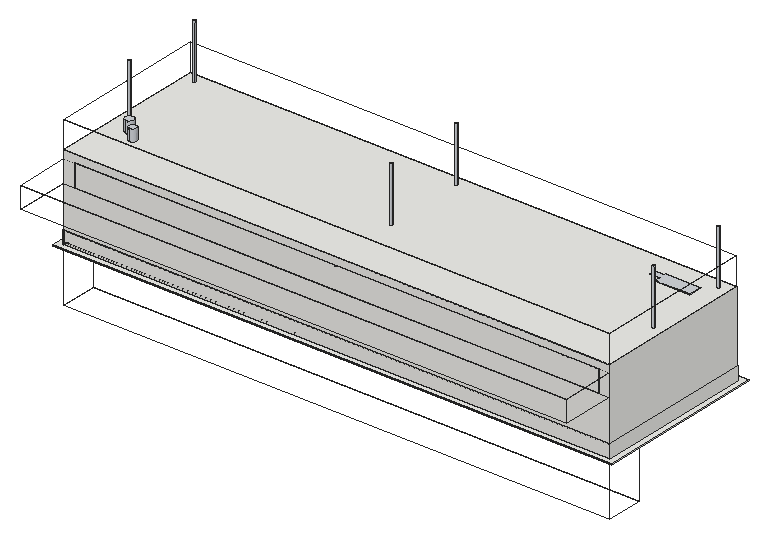
Revit family "AIRTECNICS_AIR CURTAIN_RECESSED DAM_DX-VRF_(HITACHI)", category Equipos mecánicos, Revit 2016
Family settings
  Tipo de pieza = Normal
  Cota de conector redondo = Diámetro de uso
  Número OmniClass = 23.75.70.21.17
  Título OmniClass = Air Curtains
  Se basa en plano de trabajo = No
  Siempre vertical = Sí
  Corte con vacíos al cargar = No
  Compartido = No
  Punto de cálculo de habitación = No
Parameters (values of type "RDAM ECM 2000 DX16-HI")
  · PIPES POSITION · [instance] = "-/ Select Pipes Position /-"  # constant formula
  · OTHERS · [instance] = "-/ Select Supports - Inst.Maint. Space /-"  # constant formula
  · HEATING · = "-/ Heating /-"  # constant formula
  · EXTERNAL UNIT · [instance] = "-/ External Unit Type /-"  # constant formula
  · COIL ROWS · = "-/ DX Coil Rows /-"  # constant formula
  Weight [instance] = size_lookup(Name_Lookup_Data, "Weight", 1.00 kg, CM, CT, CH, CR)  # 95.00 kg
  Voltage [instance] = 230 V  # constant formula
  URL_Manufacturer = "https://www.airtecnics.com"
  URL_Datasheet = "https://www.airtecnics.com/download/file/5863/recessed-dam-dx-hitachi-1-1-and-vrf.pdf"
  Triple Phase (External Ut.) [instance] = yes
  Supports Length [instance] = 200.0 mm
  Supports (Horizontal) [instance] = yes
  Single Phase (External Ut.) [instance] = not([Triple Phase (External Ut.)])  # no
  Revit Version = "Revit 2016 - English"  # constant formula
  Review Date = "11/18"  # constant formula
  Remote Control = "-"  # constant formula
  Refrigerant Pipes_P4 [instance] = no
  Refrigerant Pipes_P3 [instance] = no
  Refrigerant Pipes_P2 [instance] = if(CW = 0, 1 = 1, 1 = 0)  # yes
  Refrigerant Pipes_P1 [instance] = no
  Product Size = if(CT = 2, "1000", if(CT = 4, "1500", if(CT = 8, "2000", if(CT = 16, "2500", "Consult Manufacturer"))))  # "2000"
  Product Reference [instance] = size_lookup(Name_Lookup_Ref, "", "Consult Manufacturer", CM, CT, CH, CR)  # "RDAM ECM 2000 DX16-HI"
  Product Heating [instance] = if(DX 1:1, "Direct Expansion 1:1 system", "Direct Expansion VRF system")  # "Direct Expansion 1:1 system"
  Product Description [instance] = size_lookup(Name_Lookup_Data, "", "Consult Manufacturer", CM, CT, CH, CR)  # "Compact and low profile recessed air curtain with full grille view and energy savings heat pump: Up to 70% reduction in costs and CO2 emissions (heating mode).\r\nSelf-supporting casing construction made of galvanized steel plate, ready to be installed recessed in a false ceiling. \r\nInlet grille (free of maintenance) made with aluminium profiles and blow-out nozzle, integrated in a single white frame colour RAL 9016. Other colours are available on request. \r\nDouble-inlet centrifugal fans driven by an external rotor motor and low noise level. 5-speed selector. EC models assembled with very low consumption efficiency fans. \r\nIncludes only heating direct expansion coil with installed temperature sensors. Under request it can be modified to work in cooling and heating mode (not recomended) with optional condensate water pump.\r\nPlug&Play control panel CS-5DX-NE slave DX with 5 speeds selector and 7m telephone cable included.\r\nReady to connect to HITACHI Inverter outdoor heat pump unit (R410A), not included, the customer should purchase it.\r\nRequires EXV-6.0E2 HITACHI DX Interface KIT adapted for air curtain with expansion valve and  PC-ART programmable control, please consult. The client should send the complete DX kit to Airtècnics in order to adapt it and install the temperature sensors.\r\nAir Volume: 3280 m3/h \r\nFans:  0,284 kW  2,48 A 230Vx1 50/60Hz\r\nHeating capacity: 16,00 kW\r\nDimensions: 627x310x2048 mm (depth, height, length)\r\nNOT SUPPLIED BY AIRTÈCNICS:\r\nEXV-6.0E2 Interface DX kit with direct expansion valve and PC-ART programmable control.\r\nExternal unit:\r\nOption 1: RAS-6HVNC1E\r\nExternal unit with direct expansion valve Hitachi, single phase motor 230Vx1 50Hz.\r\nHeating capacity 16kW. Heating power: 4,23kW. COP 3,78.\r\nCooling capacity 14kW. Cooling power 4,25kW. EER 3,29.\r\nCooling circuits 5/8\" - 3/8\".\r\nMaximum length 75m.\r\nMaximum slope 30m.\r\nOption 2: RAS-6HNC1E\r\nExternal unit with direct expansion valve Hitachi, triple phase motor 400Vx3 50Hz.\r\nHeating capacity 16kW. Heating power: 4,23kW. COP 3,78.\r\nCooling capacity 14kW. Cooling power 4,25kW. EER 3,29.\r\nCooling circuits 5/8\" - 3/8\".\r\nMaximum length 75m.\r\nMaximum slope 30m."
  Power Fans Factor [instance] = size_lookup(Name_Lookup_Data, "Power Fans Factor", 1, CM, CT, CH, CR)  # 0.5
  Power Fans [instance] = size_lookup(Name_Lookup_Data, "Power Fans", 1 kW, CM, CT, CH, CR)  # 0.284 kW
  Noise Level (dB(A)) [instance] = size_lookup(Name_Lookup_Data, "Noise Level (dB(A))", 1, CM, CT, CH, CR)  # 58
  Name_Lookup_Ref_EU = "R_DAM_(DX)_HI_Ref_EU_Lookup"  # constant formula
  Name_Lookup_Ref = "R_DAM_(DX)_HI_Ref_Lookup"  # constant formula
  Name_Lookup_Data3 = "R_DAM_(DX)_HI_DXkit_Lookup"  # constant formula
  Name_Lookup_Data2 = "R_DAM_(DX)_HI_Mainfolds_Lookup"  # constant formula
  Name_Lookup_Data = "R_DAM_(DX)_HI_Data_Lookup"  # constant formula
  Material Curtain [instance] = AIRTECNICS_White RAL 9016
  Mainfolds [instance] = size_lookup(Name_Lookup_Data2, "", "Consult Manufacturer", CM, CT, CH, CR)  # "5/8 & 3/8"
  M = yes
  Length = L + 48.0 mm + Depth - Depth  # 2048.0 mm
  IfcExportType = "DXCOOLINGCOIL"  # constant formula
  IfcExportAs = "IfcCoilType"  # constant formula
  Height = 310.0 mm  # constant formula
  Heating Capacity [instance] = size_lookup(Name_Lookup_Data, "Heating Capacity", 1 kW, CM, CT, CH, CR)  # 16 kW
  Gas Coil Volume [instance] = size_lookup(Name_Lookup_Data, "Gas Coil Volume", 1.00 L, CM, CT, CH, CR)  # 3.10 L
  G = not(M)  # no
  Frequency = 50 Hz  # constant formula
  Fans Stage = 5  # constant formula
  Family Version = "1.0"  # constant formula
  External Ut. Reference [instance] = size_lookup(Name_Lookup_Ref_EU, "", "Consult Manufacturer", CM, CT, CH, CR, CEU)  # "RAS-6HNCE"
  Expansion Valve [instance] = "Included on DX Kit"  # constant formula
  EC = 1 = 1  # yes
  Dn_Metric_Refrig_Liquid [instance] = size_lookup(Name_Lookup_Data2, "Dn_Liquid", 1 mm, CM, CT, CH, CR)  # 10 mm
  Dn_Metric_Refrig_Gas [instance] = size_lookup(Name_Lookup_Data2, "Dn_Gas", 1 mm, CM, CT, CH, CR)  # 16 mm
  Depth = 627.0 mm  # constant formula
  DX VRV = not(DX 1:1)  # no
  DX Kit [instance] = size_lookup(Name_Lookup_Data3, "", "Consult Manufacturer", CM, CT, CH, CR)  # "EXV-6.0E2"
  DX Controller [instance] = "PC-ART"  # constant formula
  DX Coil Rows = 4 = no
  DX Coil Rows = 3 = not([DX Coil Rows = 4])  # yes
  DX Coil Rows [instance] = if(CR = 2, 4, if(CR = 4, 3, if(CR = 0, 2, 0)))  # 3
  DX 1:1 = yes
  Current Fans [instance] = size_lookup(Name_Lookup_Data, "Current Fans", 1 A, CM, CT, CH, CR)  # 2.48 A
  Created by = "BIMETRICAL"  # constant formula
  Control [instance] = "CS-5DX-NE"  # constant formula
  Capacity_Frig_Liquid [instance] = 0 m³/h
  Capacity_Frig_Gas [instance] = 0 m³/h
  Cable = "CB7"  # constant formula
  URL = "https://www.airtecnics.com/products/heat-pump-air-curtain-recessed-dam-dx-for-hitachi"
  Modelo = "Air Curtain Recessed DAM DX/VRF HI"  # constant formula
  L = 2000.0 mm
  Imagen de tipo = <Ninguno>
  Fabricante = "AIRTECNICS"  # constant formula
  Description = ""
  Comentarios de tipo = "Compact and low profile recessed air curtain with full grille view and energy savings heat pump: Up to 70% reduction in costs and CO2 emissions (heating mode).\r\nSelf-supporting casing construction made of galvanized steel plate, ready to be installed recessed in a false ceiling. \r\nInlet grille (free of maintenance) made with aluminium profiles and blow-out nozzle, integrated in a single white frame colour RAL 9016. Other colours are available on request. \r\nDouble-inlet centrifugal fans driven by an external rotor motor and low noise level. 5-speed selector. EC models assembled with very low consumption efficiency fans. \r\nIncludes only heating direct expansion coil with installed temperature sensors. Under request it can be modified to work in cooling and heating mode (not recomended) with optional condensate water pump.\r\nPlug&Play control panel CS-5DX-NE slave DX with 5 speeds selector and 7m telephone cable included.\r\nDX 1:1:\r\nReady to connect to HITACHI Inverter outdoor heat pump unit (R410A), not included, the customer should purchase it.\r\nRequires  HITACHI DX Interface KIT adapted for air curtain with expansion valve and   programmable control, please consult.\r\nDX VRF:\r\nReady to connect to HITACHI VRF outdoor heat pump unit (R410A), not included, the customer should purchase it.\r\nRequires  HITACHI VRF Interface KIT adapted for air curtain with expansion valve and   programmable control, please consult."  # constant formula
  CW [instance] = if(Refrigerant Pipes_P1, 2, 0) + if(Refrigerant Pipes_P3, 4, 0) + if(Refrigerant Pipes_P4, 8, 0)  # 0
  CT = if(L = 1000.0 mm, 2, 0) + if(L = 1500.0 mm, 4, 0) + if(L = 2000.0 mm, 8, 0) + if(L = 2500.0 mm, 16, 0)  # 8
  CR [instance] = if([DX Coil Rows = 4], 2, 0) + if([DX Coil Rows = 3], 4, 0)  # 4
  CM = if(M, 2, 0) + if(EC, 4, 0) + if(G, 8, 0)  # 6
  CH [instance] = if(DX 1:1, 2, 0) + if(DX VRV, 4, 0)  # 2
  CEU [instance] = if([Single Phase (External Ut.)], 2, 0) + if([Triple Phase (External Ut.)], 4, 0)  # 4
  BIMETRICAL Category = "Coil"  # constant formula
  BIMETRICAL = "http://www.bimetrical.com/"  # constant formula
  Aspiration/Maintenance Space [instance] = yes
  Apparent Load [instance] = size_lookup(Name_Lookup_Data, "Apparent Load", 1 VA, CM, CT, CH, CR)  # 568 VA
  Airflow [instance] = size_lookup(Name_Lookup_Data, "Airflow", 1 m³/h, CM, CT, CH, CR)  # 3280 m³/h
Reference planes
  plane 1 "Centro (Frontal/Posterior)": z = 0
  plane 2: y = 246.57
  plane 3 "Centro (Izquierda/Derecha)": x = 0
Nested families
  nested 1: "GEOM_RECESSED DAM_(DX)" at (0, 246.57, -2) x (-1, 0, 0) z (0, 0, 1), P1 <- "Refrigerant Pipes_P1", P3 <- "Refrigerant Pipes_P3", P4 <- "Refrigerant Pipes_P4", type "BASE"
    with VAMP4 no, VAMP1 no, P4 no, P3 no, P2 yes, P1 no, C_P 2, C_L 4, CH_4 398.5 mm, CH_3 218.8 mm, CH_2 99.5 mm, CH_1 91.2 mm, CC_4 431.5 mm, CC_3 33.0 mm, CC_2 137.5 mm, CC_1 277.2 mm, AH 90.00°, AC 90.00°, N 9, L3 238.5 mm, L2 40.0 mm, L1 2048.0 mm, L 2000.0 mm, C 238.88 mm, A1 1938.0 mm
Connectors
  electrical at (819.129, 446.424, 309), driven by "Voltage", driven by "Apparent Load", driven by "Power Fans Factor"
    settings: on nested 1, index 1, voltage 230 V, apparent load 568 VA, apparent load phase1 0 VA, apparent load phase2 0 VA, apparent load phase3 0 VA, power factor 0.5, load classification "HVAC", number of poles 1, system type 30, power factor state 1, is connector primary yes, connector utility no, sub classification motor no, connector description ""
  piping at (-924, 161.57, 348), diameter 16, driven by "Capacity_Frig_Gas", driven by "Dn_Metric_Refrig_Gas"
    settings: on nested 1, index 2, connector inside diameter 609.6 mm, connector length 0.0 mm, flow factor 0, pipe flow 0 m³/h, pressure drop 0.0 Pa, fitting loss kfactor 0, connector angle 0.00°, fixture units 0, engagement length 0.0 mm, angle of deflection 0.00°, flow configuration 1, flow direction 1, fitting loss method 0, system type 7, joint type 0, gender type 0, connector reference index -1, connector utility 0, adjustable connector no, is connector primary yes, connector description "In"
  piping at (-886, 128.57, 348.2), diameter 10, driven by "Capacity_Frig_Liquid", driven by "Dn_Metric_Refrig_Liquid"
    settings: on nested 1, index 3, connector inside diameter 609.6 mm, connector length 0.0 mm, flow factor 0, pipe flow 0 m³/h, pressure drop 0.0 Pa, fitting loss kfactor 0, connector angle 0.00°, fixture units 0, engagement length 0.0 mm, angle of deflection 0.00°, flow configuration 1, flow direction 2, fitting loss method 0, system type 8, joint type 0, gender type 0, connector reference index -1, connector utility 0, adjustable connector no, is connector primary no, connector description "Out"
Definition of nested family "GEOM_RECESSED DAM_(DX)"
  Parameters (values of type "BASE")
    VSUP2 = if(and(Supports Length > 0.0 mm, L > 1000.0 mm, [Supports (Horizontal)]), 1 = 1, 1 = 0)  # yes
    VSUP1 = if(and(Supports Length > 0.0 mm, [Supports (Horizontal)]), 1 = 1, 1 = 0)  # yes
    VAMP4 [instance] = if(and(P, P4, [Aspiration/Maintenance Space]), 1 = 1, 1 = 0)  # no
    VAMP1 [instance] = if(and(P, P1, [Aspiration/Maintenance Space]), 1 = 1, 1 = 0)  # no
    Supports Length = 200.0 mm
    Supports (Horizontal) = yes
    Revit Version = "Revit 2016 - English"  # constant formula
    Review Date = "11/2018"  # constant formula
    P4 [instance] = no
    P3 [instance] = yes
    P2 [instance] = not(or(P1, P3, P4))  # no
    P1 [instance] = no
    P = 1 = 1  # yes
    Name_CH = "CH_Dimensions_LookupDX"  # constant formula
    Name_CC = "CC_Dimensions_LookupDX"  # constant formula
    N = if(L = 1000.0 mm, 5, if(L = 1500.0 mm, 7, if(L = 2000.0 mm, 9, 11)))  # 7
    Model = "RECESSED DAM (DX)"  # constant formula
    Material Curtain = none
    Manufacturer = "AIRTECNICS"  # constant formula
    L_sup = if(Supports Length = 0.0 mm, 1.0 mm, Supports Length)  # 200.0 mm
    L3 = if(L = 1000.0 mm, 227.0 mm, if(L = 1500.0 mm, 234.8 mm, if(L = 2000.0 mm, 238.5 mm, 240.8 mm)))  # 234.8 mm
    L2 = if(L = 1000.0 mm, 51.75 mm, if(L = 1500.0 mm, 46.75 mm, if(L = 2000.0 mm, 40.0 mm, 49.5 mm)))  # 46.75 mm
    L1 = L + 48.0 mm  # 1548.0 mm
    L = 1500.0 mm
    Family Version = "1.0"  # constant formula
    Created by = "BIMETRICAL"  # constant formula
    C_P [instance] = if(P1, 1, 0) + if(P2, 2, 0) + if(P3, 4, 0) + if(P4, 8, 0)  # 4
    C_L [instance] = if(L = 1500.0 mm, 2, 0) + if(L = 2000.0 mm, 4, 0) + if(L = 2500.0 mm, 8, 0)  # 2
    CH_4 [instance] = size_lookup(Name_CH, "CH_4", 398.5 mm, C_L, C_P)  # 398.5 mm
    CH_3 [instance] = size_lookup(Name_CH, "CH_3", 218.8 mm, C_L, C_P)  # 33.0 mm
    CH_2 [instance] = size_lookup(Name_CH, "CH_2", 100.5 mm, C_L, C_P)  # 1409.5 mm
    CH_1 [instance] = size_lookup(Name_CH, "CH_1", 91.2 mm, C_L, C_P)  # 277.2 mm
    CC_4 [instance] = size_lookup(Name_CC, "CC_4", 431.5 mm, C_L, C_P)  # 431.5 mm
    CC_3 [instance] = size_lookup(Name_CC, "CC_3", 33.0 mm, C_L, C_P)  # 218.8 mm
    CC_2 [instance] = size_lookup(Name_CC, "CC_2", 138.5 mm, C_L, C_P)  # 1447.5 mm
    CC_1 [instance] = size_lookup(Name_CC, "CC_1", 277.2 mm, C_L, C_P)  # 91.2 mm
    C = if(L = 1000.0 mm, 227.75 mm, if(L = 1500.0 mm, 235.1 mm, 238.88 mm))  # 235.1 mm
    BIMETRICAL = "http://www.bimetrical.com/"  # constant formula
    B1 = 1.5 mm
    B = 1.0 mm
    Aspiration/Maintenance Space = yes
    AH [instance] = size_lookup(Name_CH, "AH", 90.00°, C_L, C_P)  # 90.00°
    AC [instance] = size_lookup(Name_CC, "AC", 90.00°, C_L, C_P)  # 90.00°
    A1 = L - 62.0 mm  # 1438.0 mm
    A = 197.8 mm
  Reference planes
    plane 1 "Centro (Frontal/Posterior)": y = 0
    plane 2: z = 0
    plane 3 "Centro (Izquierda/Derecha)": x = 0
    plane 4: y = 313.5
    plane 5: y = -313.5
    plane 6: y = 290
    plane 7: y = -290
    plane 8: z = 310
    plane 9: z = 50
    plane 10: z = 2
    plane 11: x = -773.5
    plane 12: x = -750
    plane 13: x = 773.5
    plane 14: x = 750
    plane 15: y = -256
    plane 16: y = 41
    plane 17: x = -710
    plane 18: x = 710
    plane 19: y = 41
    plane 20: y = -256
    plane 21: y = 170
    plane 22: z = 25
    plane 23: z = 17
    plane 24: x = -707.5
    plane 25: x = -703.5
    plane 26: x = -705.5
    plane 27: x = -472.7
    plane 28: x = -468.7
    plane 29: x = -470.7
    plane 30: x = -237.9
    plane 31: x = -233.9
    plane 32: x = -235.9
    plane 33: x = -3.1
    plane 34: x = 0.9
    plane 35: x = -1.1
    plane 36: x = 231.7
    plane 37: x = 235.7
    plane 38: x = 233.7
    plane 39: x = 773.5
    plane 40: x = -674
    plane 41: x = -636
    plane 42: y = 85
    plane 43: y = 118
    plane 44: z = 91.2
    plane 45: z = 277.2
    plane 46: x = 466.5
    plane 47: x = 470.5
    plane 48: x = 468.5
    plane 49: x = 701.3
    plane 50: x = 705.3
    plane 51: x = 703.3
  Forms (mm)
    Sweep 1, solid, material <- "Material Curtain"
      path origin (0, 0, 0) x (1, 0, 0) y (0, 1, 0)
        loop
          line (-773.5, 313.5) -> (-773.5, -313.5) -> (773.5, -313.5) -> (773.5, 313.5) -> (-773.5, 313.5)
      profile origin (-773.5, 0, 0) x (-1, 0, 0) y (0, 0, 1)
        loop
          line (0, 0) -> (0, 2) -> (-22, 2) -> (-22, 50) -> (-23.5, 50) -> (-23.5, 0) -> (0, 0)
    Extrusion 2, solid, material <- "Material Curtain"
      sketch origin (0, 0, 0) x (1, 0, 0) y (0, 1, 0)
        loop
          line (-750, 290) -> (-750, -290) -> (750, -290) -> (750, 290) -> (-750, 290)
      from 50 to 310
    Extrusion 3, solid, visible <- "VSUP1"
      sketch origin (-1376.546, -1524, 310) x (-1, 0, 0) y (0, -1, 0)
        loop
          circle (-666.546, -1565) r 4
        loop
          circle (-666.546, -1268) r 4
        loop
          circle (-2086.546, -1268) r 4
        loop
          circle (-2086.546, -1565) r 4
      from -1 to 200
    Extrusion 4, solid, visible <- "VSUP2"
      sketch origin (-1376.546, -1524, 310) x (-1, 0, 0) y (0, -1, 0)
        loop
          circle (-1376.546, -1565) r 4
        loop
          circle (-1376.546, -1268) r 4
      from 0 to 200
    Extrusion 5, void
      sketch origin (-1802.24, 290, 1200) x (-1, 0, 0) y (0, 0, 1)
        loop
          line (-2505.49, -918.496) -> (-2505.49, -998.496) -> (-1802.24, -998.496) -> (-1098.99, -998.496) -> (-1098.99, -918.496) -> (-1802.24, -918.496) -> (-2505.49, -918.496)
      from 0 to -5
    Extrusion 6, solid
      sketch origin (-1802.24, 290, 1200) x (-1, 0, 0) y (0, 0, 1)
        loop
          line (-2505.49, -918.496) -> (-2505.49, -998.496) -> (-1802.24, -998.496) -> (-1098.99, -998.496) -> (-1098.99, -918.496) -> (-1802.24, -918.496) -> (-2505.49, -918.496)
      from 0 to -1
    Extrusion 7, solid, material <- "Material Curtain"
      sketch origin (500, 0, 0) x (1, 0, 0) y (0, 1, 0)
        loop
          line (-1203.5, 286.998) -> (-1207.5, 286.998) -> (-1207.5, -287.002) -> (-1203.5, -287.002) -> (-1203.5, 286.998)
      from 17 to 25
    Extrusion 8, solid, material <- "Material Curtain"
      sketch origin (734.8, 0, 0) x (1, 0, 0) y (0, 1, 0)
        loop
          line (-1203.5, 286.998) -> (-1207.5, 286.998) -> (-1207.5, -287.002) -> (-1203.5, -287.002) -> (-1203.5, 286.998)
      from 17 to 25
    Extrusion 9, solid, material <- "Material Curtain"
      sketch origin (969.6, 0, 0) x (1, 0, 0) y (0, 1, 0)
        loop
          line (-1203.5, 286.998) -> (-1207.5, 286.998) -> (-1207.5, -287.002) -> (-1203.5, -287.002) -> (-1203.5, 286.998)
      from 17 to 25
    Extrusion 10, solid, material <- "Material Curtain"
      sketch origin (1204.4, 0, 0) x (1, 0, 0) y (0, 1, 0)
        loop
          line (-1203.5, 286.998) -> (-1207.5, 286.998) -> (-1207.5, -287.002) -> (-1203.5, -287.002) -> (-1203.5, 286.998)
      from 17 to 25
    Extrusion 11, solid, material <- "Material Curtain"
      sketch origin (1439.2, 0, 0) x (1, 0, 0) y (0, 1, 0)
        loop
          line (-1203.5, 286.998) -> (-1207.5, 286.998) -> (-1207.5, -287.002) -> (-1203.5, -287.002) -> (-1203.5, 286.998)
      from 17 to 25
    Extrusion 12, solid, visible <- "P"
      sketch origin (-637.077, 82.636, 310.2) x (0, -1, 0) y (1, 0, 0)
        loop
          circle (-2.364, 1.077) r 15.5
      from 0 to 40
    Extrusion 13, solid, visible <- "P"
      sketch origin (-673.438, 119.477, 310) x (0, -1, 0) y (1, 0, 0)
        loop
          circle (1.477, -0.562) r 13.5
      from 0 to 40
    Extrusion 14, solid
      sketch origin (-1376.546, -1524, 310) x (-1, 0, 0) y (0, -1, 0)
        loop
          line (-830.042, -1353.296) -> (-702.542, -1353.296) -> (-702.542, -1303.996) -> (-830.042, -1303.996) -> (-830.042, -1307.996) -> (-867.042, -1307.996) -> (-867.042, -1331.296) -> (-830.042, -1331.296) -> (-830.042, -1353.296)
      from 0 to 1
    Extrusion 15, solid, visible <- "VAMP1"
      sketch origin (750, 311.264, 1200) x (0, 1, 0) y (0, 0, -1)
        loop
          line (-601.264, 890) -> (-21.264, 890) -> (-21.264, 1150) -> (-601.264, 1150) -> (-601.264, 890)
      from 0 to -100
    Extrusion 16, solid, visible <- "VAMP4"
      sketch origin (-750, 311.264, 1200) x (0, 1, 0) y (0, 0, 1)
        loop
          line (-601.264, -890) -> (-601.264, -1150) -> (-21.264, -1150) -> (-21.264, -890) -> (-601.264, -890)
      from 0 to -100
    Extrusion 17, solid, visible <- "Aspiration/Maintenance Space"
      sketch origin (-1802.24, 290, 1200) x (-1, 0, 0) y (0, 0, 1)
        loop
          line (-2552.24, -918.496) -> (-2552.24, -998.496) -> (-1052.24, -998.496) -> (-1052.24, -918.496) -> (-2552.24, -918.496)
      from 0 to 200
    Extrusion 18, solid, visible <- "Aspiration/Maintenance Space"
      sketch origin (-750, 311.264, 1200) x (0, 1, 0) y (0, 0, 1)
        loop
          line (-601.264, -890) -> (-21.264, -890) -> (-21.264, -790) -> (-601.264, -790) -> (-601.264, -890)
      from 0 to 1500
    Extrusion 19, solid, visible <- "Aspiration/Maintenance Space"
      sketch origin (750, 311.264, 1200) x (0, 1, 0) y (0, 0, -1)
        loop
          line (-21.264, 1200) -> (-21.264, 1400) -> (-157.264, 1400) -> (-157.264, 1200) -> (-21.264, 1200)
      from 0 to 1500
    Extrusion 20, solid, material <- "Material Curtain"
      sketch origin (1674, 0, 0) x (1, 0, 0) y (0, 1, 0)
        loop
          line (-1203.5, 286.998) -> (-1207.5, 286.998) -> (-1207.5, -287.002) -> (-1203.5, -287.002) -> (-1203.5, 286.998)
      from 17 to 25
    Extrusion 21, solid, material <- "Material Curtain"
      sketch origin (1908.8, 0, 0) x (1, 0, 0) y (0, 1, 0)
        loop
          line (-1203.5, 286.998) -> (-1207.5, 286.998) -> (-1207.5, -287.002) -> (-1203.5, -287.002) -> (-1203.5, 286.998)
      from 17 to 25
    Extrusion 22, solid, material <- "Material Curtain"
      sketch origin (850, 311.264, 1200) x (0, -1, 0) y (0, 0, -1)
        loop
          arc (82.767, 1195.605) -> (78.829, 1197.715) -> (74.424, 1198.456) r 13.8
          arc (74.424, 1198.456) -> (73.675, 1197.864) -> (74.325, 1197.164) r 0.65
          arc (74.325, 1197.164) -> (78.603, 1196.427) -> (82.371, 1194.27) r 12.5
          line (82.371, 1194.27) -> (97.373, 1182.759) -> (97.373, 1173.4) -> (98.673, 1173.4) -> (98.673, 1183.4) -> (82.767, 1195.605)
        loop
          arc (59.967, 1195.605) -> (56.029, 1197.715) -> (51.624, 1198.456) r 13.8
          arc (51.624, 1198.456) -> (50.875, 1197.864) -> (51.525, 1197.164) r 0.65
          arc (51.525, 1197.164) -> (55.803, 1196.427) -> (59.571, 1194.27) r 12.5
          line (59.571, 1194.27) -> (74.573, 1182.759) -> (74.573, 1173.4) -> (75.873, 1173.4) -> (75.873, 1183.4) -> (59.967, 1195.605)
        loop
          arc (151.167, 1195.605) -> (147.229, 1197.715) -> (142.824, 1198.456) r 13.8
          arc (142.824, 1198.456) -> (142.075, 1197.864) -> (142.725, 1197.164) r 0.65
          arc (142.725, 1197.164) -> (147.003, 1196.427) -> (150.771, 1194.27) r 12.5
          line (150.771, 1194.27) -> (165.773, 1182.759) -> (165.773, 1173.4) -> (167.073, 1173.4) -> (167.073, 1183.4) -> (151.167, 1195.605)
        loop
          arc (128.367, 1195.605) -> (124.429, 1197.715) -> (120.024, 1198.456) r 13.8
          arc (120.024, 1198.456) -> (119.275, 1197.864) -> (119.925, 1197.164) r 0.65
          arc (119.925, 1197.164) -> (124.203, 1196.427) -> (127.971, 1194.27) r 12.5
          line (127.971, 1194.27) -> (142.973, 1182.759) -> (142.973, 1173.4) -> (144.273, 1173.4) -> (144.273, 1183.4) -> (128.367, 1195.605)
        loop
          arc (105.567, 1195.605) -> (101.629, 1197.715) -> (97.224, 1198.456) r 13.8
          arc (97.224, 1198.456) -> (96.475, 1197.864) -> (97.125, 1197.164) r 0.65
          arc (97.125, 1197.164) -> (101.403, 1196.427) -> (105.171, 1194.27) r 12.5
          line (105.171, 1194.27) -> (120.173, 1182.759) -> (120.173, 1173.4) -> (121.473, 1173.4) -> (121.473, 1183.4) -> (105.567, 1195.605)
        loop
          arc (219.567, 1195.605) -> (215.629, 1197.715) -> (211.224, 1198.456) r 13.8
          arc (211.224, 1198.456) -> (210.475, 1197.864) -> (211.125, 1197.164) r 0.65
          arc (211.125, 1197.164) -> (215.403, 1196.427) -> (219.171, 1194.27) r 12.5
          line (219.171, 1194.27) -> (234.173, 1182.759) -> (234.173, 1173.4) -> (235.473, 1173.4) -> (235.473, 1183.4) -> (219.567, 1195.605)
        loop
          arc (196.767, 1195.605) -> (192.829, 1197.715) -> (188.424, 1198.456) r 13.8
          arc (188.424, 1198.456) -> (187.675, 1197.864) -> (188.325, 1197.164) r 0.65
          arc (188.325, 1197.164) -> (192.603, 1196.427) -> (196.371, 1194.27) r 12.5
          line (196.371, 1194.27) -> (211.373, 1182.759) -> (211.373, 1173.4) -> (212.673, 1173.4) -> (212.673, 1183.4) -> (196.767, 1195.605)
        loop
          arc (173.967, 1195.605) -> (170.029, 1197.715) -> (165.624, 1198.456) r 13.8
          arc (165.624, 1198.456) -> (164.875, 1197.864) -> (165.525, 1197.164) r 0.65
          arc (165.525, 1197.164) -> (169.803, 1196.427) -> (173.571, 1194.27) r 12.5
          line (173.571, 1194.27) -> (188.573, 1182.759) -> (188.573, 1173.4) -> (189.873, 1173.4) -> (189.873, 1183.4) -> (173.967, 1195.605)
        loop
          arc (287.967, 1195.605) -> (284.029, 1197.715) -> (279.624, 1198.456) r 13.8
          arc (279.624, 1198.456) -> (278.875, 1197.864) -> (279.525, 1197.164) r 0.65
          arc (279.525, 1197.164) -> (283.803, 1196.427) -> (287.571, 1194.27) r 12.5
          line (287.571, 1194.27) -> (302.573, 1182.759) -> (302.573, 1173.4) -> (303.873, 1173.4) -> (303.873, 1183.4) -> (287.967, 1195.605)
        loop
          arc (265.167, 1195.605) -> (261.229, 1197.715) -> (256.824, 1198.456) r 13.8
          arc (256.824, 1198.456) -> (256.075, 1197.864) -> (256.725, 1197.164) r 0.65
          arc (256.725, 1197.164) -> (261.003, 1196.427) -> (264.771, 1194.27) r 12.5
          line (264.771, 1194.27) -> (279.773, 1182.759) -> (279.773, 1173.4) -> (281.073, 1173.4) -> (281.073, 1183.4) -> (265.167, 1195.605)
        loop
          arc (242.367, 1195.605) -> (238.429, 1197.715) -> (234.024, 1198.456) r 13.8
          arc (234.024, 1198.456) -> (233.275, 1197.864) -> (233.925, 1197.164) r 0.65
          arc (233.925, 1197.164) -> (238.203, 1196.427) -> (241.971, 1194.27) r 12.5
          line (241.971, 1194.27) -> (256.973, 1182.759) -> (256.973, 1173.4) -> (258.273, 1173.4) -> (258.273, 1183.4) -> (242.367, 1195.605)
        loop
          arc (356.367, 1195.605) -> (352.429, 1197.715) -> (348.024, 1198.456) r 13.8
          arc (348.024, 1198.456) -> (347.275, 1197.864) -> (347.925, 1197.164) r 0.65
          arc (347.925, 1197.164) -> (352.203, 1196.427) -> (355.971, 1194.27) r 12.5
          line (355.971, 1194.27) -> (370.973, 1182.759) -> (370.973, 1173.4) -> (372.273, 1173.4) -> (372.273, 1183.4) -> (356.367, 1195.605)
        loop
          arc (333.567, 1195.605) -> (329.629, 1197.715) -> (325.224, 1198.456) r 13.8
          arc (325.224, 1198.456) -> (324.475, 1197.864) -> (325.125, 1197.164) r 0.65
          arc (325.125, 1197.164) -> (329.403, 1196.427) -> (333.171, 1194.27) r 12.5
          line (333.171, 1194.27) -> (348.173, 1182.759) -> (348.173, 1173.4) -> (349.473, 1173.4) -> (349.473, 1183.4) -> (333.567, 1195.605)
        loop
          arc (310.767, 1195.605) -> (306.829, 1197.715) -> (302.424, 1198.456) r 13.8
          arc (302.424, 1198.456) -> (301.675, 1197.864) -> (302.325, 1197.164) r 0.65
          arc (302.325, 1197.164) -> (306.603, 1196.427) -> (310.371, 1194.27) r 12.5
          line (310.371, 1194.27) -> (325.373, 1182.759) -> (325.373, 1173.4) -> (326.673, 1173.4) -> (326.673, 1183.4) -> (310.767, 1195.605)
        loop
          arc (424.767, 1195.605) -> (420.829, 1197.715) -> (416.424, 1198.456) r 13.8
          arc (416.424, 1198.456) -> (415.675, 1197.864) -> (416.325, 1197.164) r 0.65
          arc (416.325, 1197.164) -> (420.603, 1196.427) -> (424.371, 1194.27) r 12.5
          line (424.371, 1194.27) -> (439.373, 1182.759) -> (439.373, 1173.4) -> (440.673, 1173.4) -> (440.673, 1183.4) -> (424.767, 1195.605)
        loop
          arc (401.967, 1195.605) -> (398.029, 1197.715) -> (393.624, 1198.456) r 13.8
          arc (393.624, 1198.456) -> (392.875, 1197.864) -> (393.525, 1197.164) r 0.65
          arc (393.525, 1197.164) -> (397.803, 1196.427) -> (401.571, 1194.27) r 12.5
          line (401.571, 1194.27) -> (416.573, 1182.759) -> (416.573, 1173.4) -> (417.873, 1173.4) -> (417.873, 1183.4) -> (401.967, 1195.605)
        loop
          arc (379.167, 1195.605) -> (375.229, 1197.715) -> (370.824, 1198.456) r 13.8
          arc (370.824, 1198.456) -> (370.075, 1197.864) -> (370.725, 1197.164) r 0.65
          arc (370.725, 1197.164) -> (375.003, 1196.427) -> (378.771, 1194.27) r 12.5
          line (378.771, 1194.27) -> (393.773, 1182.759) -> (393.773, 1173.4) -> (395.073, 1173.4) -> (395.073, 1183.4) -> (379.167, 1195.605)
        loop
          arc (447.567, 1195.605) -> (443.629, 1197.715) -> (439.224, 1198.456) r 13.8
          arc (439.224, 1198.456) -> (438.475, 1197.864) -> (439.125, 1197.164) r 0.65
          arc (439.125, 1197.164) -> (443.403, 1196.427) -> (447.171, 1194.27) r 12.5
          line (447.171, 1194.27) -> (462.173, 1182.759) -> (462.173, 1173.4) -> (463.473, 1173.4) -> (463.473, 1183.4) -> (447.567, 1195.605)
        loop
          arc (493.167, 1195.605) -> (489.229, 1197.715) -> (484.824, 1198.456) r 13.8
          arc (484.824, 1198.456) -> (484.075, 1197.864) -> (484.725, 1197.164) r 0.65
          arc (484.725, 1197.164) -> (489.003, 1196.427) -> (492.771, 1194.27) r 12.5
          line (492.771, 1194.27) -> (507.773, 1182.759) -> (507.773, 1173.4) -> (509.073, 1173.4) -> (509.073, 1153) -> (512.073, 1153) -> (512.073, 1198.4) -> (509.073, 1198.4) -> (509.073, 1183.4) -> (493.167, 1195.605)
        loop
          arc (470.367, 1195.605) -> (466.429, 1197.715) -> (462.024, 1198.456) r 13.8
          arc (462.024, 1198.456) -> (461.275, 1197.864) -> (461.925, 1197.164) r 0.65
          arc (461.925, 1197.164) -> (466.203, 1196.427) -> (469.971, 1194.27) r 12.5
          line (469.971, 1194.27) -> (484.973, 1182.759) -> (484.973, 1173.4) -> (486.273, 1173.4) -> (486.273, 1183.4) -> (470.367, 1195.605)
        loop
          arc (37.167, 1195.605) -> (33.229, 1197.715) -> (28.824, 1198.456) r 13.8
          arc (28.824, 1198.456) -> (28.075, 1197.864) -> (28.725, 1197.164) r 0.65
          arc (28.725, 1197.164) -> (33.003, 1196.427) -> (36.771, 1194.27) r 12.5
          line (36.771, 1194.27) -> (51.773, 1182.759) -> (51.773, 1173.4) -> (53.073, 1173.4) -> (53.073, 1183.4) -> (37.167, 1195.605)
        loop
          line (523.813, 1198.4) -> (523.813, 1173.4) -> (526.813, 1173.4) -> (526.813, 1198.4) -> (523.813, 1198.4)
        loop
          line (538.553, 1198.4) -> (538.553, 1173.4) -> (541.553, 1173.4) -> (541.553, 1198.4) -> (538.553, 1198.4)
        loop
          line (553.293, 1198.4) -> (553.293, 1173.4) -> (556.293, 1173.4) -> (556.293, 1198.4) -> (553.293, 1198.4)
        loop
          line (568.033, 1198.4) -> (568.033, 1182.616) -> (568.033, 1175.384) -> (568.033, 1173.4) -> (571.033, 1173.4) -> (571.033, 1174.75) -> (571.033, 1183.25) -> (571.033, 1198.4) -> (568.033, 1198.4)
        loop
          line (582.768, 1198.4) -> (582.768, 1175) -> (582.768, 1153) -> (585.768, 1153) -> (585.768, 1175) -> (585.768, 1198.4) -> (582.768, 1198.4)
      from -1600 to -100
  Cuts and joins
    Extrusion 5 cuts Extrusion 2
  Lines and regions (mm)
    symbolic lines
      curve 1: line (-773.5, 313.5, 310) -> (773.5, 313.5, 310)
      curve 2: line (-773.5, -313.5, 310) -> (-773.5, 313.5, 310)
      curve 3: line (773.5, -313.5, 310) -> (-773.5, -313.5, 310)
      curve 4: line (773.5, 313.5, 310) -> (773.5, -313.5, 310)
      curve 5: line (750, -290, 310) -> (-750, -290, 310)
      curve 6: line (750, 290, 310) -> (750, -290, 310)
      curve 7: line (-750, 290, 310) -> (750, 290, 310)
      curve 8: line (-750, -290, 310) -> (-750, 290, 310)
    reference lines
      curve 9: line (-674, 118, 91.2) -> (-674, 118, 310)
      curve 10: line (-636, 85, 277.2) -> (-636, 85, 310.2)
    symbolic lines, visible <- "VAMP4"
      curve 11: line (-750, -290, 310) -> (-850, -290, 310)
      curve 12: line (-850, -290, 310) -> (-850, 290, 310)
      curve 13: line (-850, 290, 310) -> (-750, 290, 310)
      curve 23: line (-750, 0, 50) -> (-850, 0, 50)
      curve 24: line (-850, 0, 50) -> (-850, 0, 310)
      curve 25: line (-850, 0, 310) -> (-750, 0, 310)
    symbolic lines, visible <- "VAMP1"
      curve 14: line (750, 290, 310) -> (850, 290, 310)
      curve 15: line (850, 290, 310) -> (850, -290, 310)
      curve 16: line (850, -290, 310) -> (750, -290, 310)
      curve 20: line (750, 0, 310) -> (850, 0, 310)
      curve 21: line (850, 0, 310) -> (850, 0, 50)
      curve 22: line (850, 0, 50) -> (750, 0, 50)
    symbolic lines, visible <- "Aspiration/Maintenance Space"
      curve 17: line (-750, 290, 310) -> (-750, 490, 310)
      curve 18: line (-750, 490, 310) -> (750, 490, 310)
      curve 19: line (750, 490, 310) -> (750, 290, 310)
      curve 26: line (-750, 0, 0) -> (-750, 0, -200)
      curve 27: line (-750, 0, -200) -> (750, 0, -200)
      curve 28: line (750, 0, -200) -> (750, 0, 0)
      curve 29: line (-750, 0, 310) -> (-750, 0, 410)
      curve 30: line (-750, 0, 410) -> (750, 0, 410)
      curve 31: line (750, 0, 410) -> (750, 0, 310)
      curve 32: line (750, 289, 281.504) -> (750, 490, 281.504)
      curve 33: line (750, 490, 281.504) -> (750, 490, 201.504)
      curve 34: line (750, 490, 201.504) -> (750, 290, 201.504)
      curve 35: line (750, 290, 310) -> (750, 290, 410)
      curve 36: line (750, 290, 410) -> (750, -290, 410)
      curve 37: line (750, -290, 410) -> (750, -290, 310)
      curve 38: line (750, 290, 0) -> (750, 290, -200)
      curve 39: line (750, 290, -200) -> (750, 154, -200)
      curve 40: line (750, 154, -200) -> (750, 154, 0)
    symbolic lines, visible <- "VSUP1"
      curve 41: circle (-710, 41, 310) r 4 normal (0, 0, 1)
      curve 42: circle (-710, -256, 310) r 4 normal (0, 0, 1)
      curve 43: circle (710, -256, 310) r 4 normal (0, 0, 1)
      curve 44: circle (710, 41, 310) r 4 normal (0, 0, 1)
    symbolic lines, visible <- "VSUP2"
      curve 45: circle (0, 41, 310) r 4 normal (0, 0, 1)
      curve 46: circle (0, -256, 310) r 4 normal (0, 0, 1)
  Dimensions and locks
    locked: plane 4 to plane 6 at 23.5
    locked: plane 5 to plane 7 at 23.5
    locked: plane 11 to plane 12 at 23.5
    locked: plane 13 to plane 14 at 23.5
    equal spacing: plane 12, plane 3 "Centro (Izquierda/Derecha)", plane 14
    "L": plane 12 to plane 14
    equal spacing: plane 4, plane 1 "Centro (Frontal/Posterior)", plane 5
    locked: plane 5 to plane 4 at 627
    locked: plane 9 to level at 50
    locked: plane 8 to level at 310
    locked: plane 7 to plane 15 at 34
    locked: plane 16 to plane 15 at 297
    locked: plane 12 to plane 17 at 40
    locked: plane 18 to plane 14 at 40
    locked: plane 20 to plane 7 at 34
    locked: plane 19 to plane 20 at 297
    "Supports Length": Extrusion 3 to plane 8
    "Supports Length": Extrusion 4 to plane 8
    plane 8 to plane 9 = 260.0 mm
    plane 4 to plane 5 = 627.0 mm
    locked: plane 6 to plane 21 at 120
    "L2": Extrusion 5 sketch curve to plane 14
    Extrusion 5 sketch curve to plane 8 = 28.496 mm
    plane 4 to plane 1 "Centro (Frontal/Posterior)" to plane 5 = 313.5 mm, 313.5 mm
    locked: Extrusion 5 sketch curve to Extrusion 5 sketch curve at 80
    locked: plane 9 to Extrusion 6 sketch curve at 151.504
    locked: Extrusion 6 sketch curve to plane 8 at 28.496
    Extrusion 6 sketch curve to Extrusion 6 sketch curve = 80.0 mm
    equal spacing: plane 24, plane 26, plane 25
    locked: plane 12 to plane 26 at 44.5
    equal spacing: plane 27, plane 29, plane 28
    equal spacing: group 1, group 2, group 3, group 4, group 5, group 6, group 7  (x3)
    equal spacing: plane 30, plane 32, plane 31
    "L3": plane 26 to plane 29
    equal spacing: plane 33, plane 35, plane 34
    equal spacing: plane 36, plane 38, plane 37
    locked: plane 14 to plane 39 at 23.5
    "CH_2": plane 41 to plane 39
    "CC_2": plane 40 to plane 39
    "CC_4": plane 5 to plane 43
    "CH_4": plane 5 to plane 42
    "CH_1": level to plane 45
    "CC_1": level to plane 44
    "CC_3": curve 9 to curve 9
    "CH_3": curve 10 to curve 10
    Sweep 1 to Extrusion 14 sketch curve to Extrusion 14 sketch curve to Extrusion 14 sketch curve = 99.496 mm locked, 127.5 mm locked, 37.0 mm locked
    locked: Extrusion 18 sketch curve to Extrusion 18 sketch curve at 100
    locked: Extrusion 19 sketch curve to Extrusion 19 sketch curve at 136
    locked: level to Extrusion 19 sketch curve at 200
    equal spacing: Extrusion 5 sketch curve, plane 3 "Centro (Izquierda/Derecha)", Extrusion 5 sketch curve
    equal spacing: Extrusion 6 sketch curve, plane 3 "Centro (Izquierda/Derecha)", Extrusion 6 sketch curve
    "L2": Extrusion 6 sketch curve to plane 14
    equal spacing: plane 46, plane 48, plane 47
    equal spacing: plane 49, plane 51, plane 50
    diameter of Extrusion 12 sketch curve = 31.0 mm
    diameter of Extrusion 13 sketch curve = 27.0 mm
    "AC": angle plane 44 to curve 9
    "AH": angle plane 45 to curve 10
    aligned and locked: level to plane 2
    aligned and locked: Sweep 1 sketch curve to plane 4
    aligned and locked: plane 11 to Sweep 1 sketch curve
    aligned and locked: Sweep 1 sketch curve to plane 5
    aligned and locked: Sweep 1 sketch curve to plane 13
    aligned and locked: Extrusion 2 sketch curve to plane 6
    aligned and locked: plane 12 to Extrusion 2 sketch curve
    aligned and locked: Extrusion 2 sketch curve to plane 7
    aligned and locked: plane 14 to Extrusion 2 sketch curve
    aligned and locked: Extrusion 2 to plane 9
    aligned and locked: plane 17 to Extrusion 3 sketch curve  (x2)
    aligned and locked: plane 18 to Extrusion 3 sketch curve  (x2)
    aligned and locked: Extrusion 3 sketch curve to plane 16
    aligned and locked: Extrusion 3 sketch curve to plane 15
    aligned and locked: plane 15 to Extrusion 3 sketch curve
    aligned and locked: plane 16 to Extrusion 3 sketch curve
    aligned and locked: plane 3 "Centro (Izquierda/Derecha)" to Extrusion 4 sketch curve  (x2)
    aligned and locked: plane 20 to Extrusion 4 sketch curve
    aligned and locked: plane 19 to Extrusion 4 sketch curve
    aligned and locked: plane 12 to Sweep 1 sketch curve
    aligned and locked: curve 5 to Sweep 1
    aligned and locked: curve 6 to Sweep 1
    aligned and locked: curve 7 to Sweep 1
    aligned and locked: curve 8 to Sweep 1
    aligned and locked: curve 1 to plane 4
    aligned and locked: Extrusion 7 to plane 22
    aligned and locked: plane 23 to Extrusion 7
    aligned and locked: plane 24 to Extrusion 7
    aligned and locked: plane 25 to Extrusion 7
    aligned and locked: plane 27 to Extrusion 8
    aligned and locked: plane 28 to Extrusion 8
    aligned and locked: plane 30 to Extrusion 9
    aligned and locked: plane 31 to Extrusion 9
    aligned and locked: plane 33 to Extrusion 10
    aligned and locked: plane 34 to Extrusion 10
    aligned and locked: plane 36 to Extrusion 11
    aligned and locked: plane 37 to Extrusion 11
    aligned and locked: plane 44 to curve 9
    aligned and locked: plane 40 to curve 9
    aligned and locked: plane 45 to curve 10
    aligned and locked: plane 41 to curve 10
    aligned and locked: Extrusion 15 sketch curve to cut or joined group of Extrusion 2, Extrusion 5  (x3)
    aligned and locked: Extrusion 15 sketch curve to Sweep 1
    aligned and locked: curve 12 to Extrusion 16
    aligned and locked: curve 15 to Extrusion 15
    aligned and locked: plane 12 to Extrusion 17 sketch curve
    aligned and locked: plane 14 to Extrusion 17 sketch curve
    aligned and locked: Extrusion 17 sketch curve to Extrusion 6  (x2)
    aligned and locked: plane 7 to Extrusion 18 sketch curve
    aligned and locked: plane 6 to Extrusion 18 sketch curve
    aligned and locked: Extrusion 18 to plane 14
    aligned and locked: Extrusion 19 to plane 12
    aligned and locked: curve 19 to Extrusion 17
    aligned and locked: curve 17 to Extrusion 17
    aligned and locked: curve 24 to Extrusion 16
    aligned and locked: curve 21 to Extrusion 15
    aligned and locked: Extrusion 19 to plane 14
    aligned and locked: curve 26 to plane 12
    aligned and locked: Extrusion 17 to curve 33
    aligned and locked: curve 35 to Extrusion 18
    aligned and locked: curve 37 to Extrusion 18
    aligned and locked: curve 41 to Extrusion 3
    aligned and locked: curve 42 to Extrusion 3
    aligned and locked: curve 43 to Extrusion 3
    aligned and locked: curve 44 to Extrusion 3
    aligned and locked: curve 45 to Extrusion 4
    aligned and locked: curve 46 to Extrusion 4
    aligned and locked: plane 46 to Extrusion 20
    aligned and locked: plane 47 to Extrusion 20
    aligned and locked: plane 49 to Extrusion 21
    aligned and locked: plane 50 to Extrusion 21
    aligned and locked: Extrusion 22 to plane 14
    aligned and locked: Extrusion 22 to plane 12
    aligned and locked: curve 34 to Extrusion 17
    aligned and locked: curve 32 to Extrusion 17
  Automatic sketch dimensions
    Extrusion 7 sketch curve to Extrusion 7 sketch curve = 4.0 mm
    Extrusion 7 sketch curve to plane 24 = 0.0 mm
    Extrusion 7 sketch curve to Extrusion 7 sketch curve = 574.0 mm
    Extrusion 8 sketch curve to Extrusion 8 sketch curve = 4.0 mm
    Extrusion 8 sketch curve to plane 27 = 0.0 mm
    Extrusion 8 sketch curve to Extrusion 8 sketch curve = 574.0 mm
    Extrusion 9 sketch curve to Extrusion 9 sketch curve = 4.0 mm
    Extrusion 9 sketch curve to plane 30 = 0.0 mm
    Extrusion 9 sketch curve to Extrusion 9 sketch curve = 574.0 mm
    Extrusion 10 sketch curve to Extrusion 10 sketch curve = 4.0 mm
    Extrusion 10 sketch curve to plane 33 = 0.0 mm
    Extrusion 10 sketch curve to Extrusion 10 sketch curve = 574.0 mm
    Extrusion 11 sketch curve to Extrusion 11 sketch curve = 4.0 mm
    Extrusion 11 sketch curve to plane 36 = 0.0 mm
    Extrusion 11 sketch curve to Extrusion 11 sketch curve = 574.0 mm
    Extrusion 18 sketch curve to plane 8 = 0.0 mm
    curve 30 to plane 12 = 0.0 mm
    curve 23 to plane 9 = 0.0 mm
    curve 23 to plane 12 = 0.0 mm
    plane 14 to curve 30 = 0.0 mm
    plane 14 to curve 27 = 0.0 mm
    curve 22 to plane 9 = 0.0 mm
    plane 14 to curve 22 = 0.0 mm
    curve 26 to level = 0.0 mm
    curve 28 to level = 0.0 mm
    curve 25 to plane 8 = 0.0 mm
    curve 20 to plane 8 = 0.0 mm
    curve 26 to level = 200.0 mm
    curve 20 to curve 30 = 100.0 mm
    Sweep 1 sketch curve to profile plane = 0.0 mm
    Sweep 1 sketch curve to level = 0.0 mm
    Sweep 1 sketch curve to Sweep 1 sketch curve = 1.5 mm
    level to Sweep 1 sketch curve = 2.0 mm
    Sweep 1 sketch curve to Sweep 1 sketch curve = 48.0 mm
    plane 5 to curve 3 = 0.0 mm
    curve 3 to plane 13 = 0.0 mm
    curve 2 to plane 11 = 0.0 mm
    plane 4 to curve 17 = 176.5 mm
    Extrusion 14 sketch curve to Extrusion 14 sketch curve = 0.0 mm
    Extrusion 14 sketch curve to plane 7 = 119.296 mm
    Extrusion 14 sketch curve to Extrusion 14 sketch curve = 22.0 mm
    Extrusion 14 sketch curve to Extrusion 14 sketch curve = 23.3 mm
    Extrusion 14 sketch curve to Extrusion 14 sketch curve = 49.3 mm
    Extrusion 16 sketch curve to plane 7 = 0.0 mm
    Extrusion 16 sketch curve to plane 6 = 0.0 mm
    Extrusion 16 sketch curve to plane 9 = 0.0 mm
    Extrusion 16 sketch curve to plane 8 = 0.0 mm
    Extrusion 19 sketch curve to level = 0.0 mm
    Extrusion 19 sketch curve to plane 6 = 0.0 mm
    curve 40 to level = 0.0 mm
    curve 34 to plane 6 = 0.0 mm
    curve 39 to plane 6 = 0.0 mm
    curve 38 to level = 0.0 mm
    curve 35 to plane 8 = 0.0 mm
    curve 37 to plane 8 = 0.0 mm
    plane 21 to curve 39 = 16.0 mm
    level to curve 40 = 200.0 mm
    curve 35 to curve 35 = 100.0 mm
    plane 6 to curve 32 = 1.0 mm
    Extrusion 20 sketch curve to Extrusion 20 sketch curve = 4.0 mm
    Extrusion 20 sketch curve to plane 46 = 0.0 mm
    Extrusion 20 sketch curve to Extrusion 20 sketch curve = 574.0 mm
    Extrusion 21 sketch curve to Extrusion 21 sketch curve = 4.0 mm
    Extrusion 21 sketch curve to plane 49 = 0.0 mm
    Extrusion 21 sketch curve to Extrusion 21 sketch curve = 574.0 mm
    Extrusion 22 sketch curve to Extrusion 15 = 15.496 mm
    Extrusion 22 sketch curve to Extrusion 22 sketch curve = 3.0 mm  (x7)
    Extrusion 22 sketch curve to Extrusion 22 sketch curve = 11.735 mm
    Extrusion 22 sketch curve to Extrusion 22 sketch curve = 11.74 mm  (x4)
    Extrusion 15 to Extrusion 22 sketch curve = 3.0 mm  (x2)
    Extrusion 22 sketch curve to Extrusion 22 sketch curve = 1.3 mm  (x21)
    Extrusion 15 to Extrusion 22 sketch curve = 45.605 mm  (x17)
    Extrusion 22 sketch curve to Extrusion 22 sketch curve = 15.906 mm
    Extrusion 15 to Extrusion 22 sketch curve = 44.27 mm  (x17)
    Extrusion 22 sketch curve to Extrusion 22 sketch curve = 0.397 mm  (x21)
    Extrusion 15 to Extrusion 22 sketch curve = 33.4 mm  (x5)
    Extrusion 22 sketch curve to Extrusion 22 sketch curve = 6.498 mm  (x12)
    Extrusion 15 to Extrusion 22 sketch curve = 32.759 mm  (x6)
    Extrusion 22 sketch curve to Extrusion 22 sketch curve = 0.201 mm  (x20)
    Extrusion 22 sketch curve to Extrusion 22 sketch curve = 0.006 mm  (x21)
    Extrusion 22 sketch curve to Extrusion 22 sketch curve = 8.444 mm  (x20)
    Extrusion 22 sketch curve to Extrusion 22 sketch curve = 14.356 mm  (x20)
    Extrusion 22 sketch curve to Extrusion 22 sketch curve = 21.5 mm  (x8)
    Extrusion 22 sketch curve to Extrusion 15 = 7.508 mm
    Extrusion 22 sketch curve to Extrusion 15 = 7.459 mm
    Extrusion 22 sketch curve to Extrusion 22 sketch curve = 2.209 mm  (x21)
    Extrusion 15 to Extrusion 22 sketch curve = 47.814 mm
    Extrusion 22 sketch curve to Extrusion 22 sketch curve = 3.544 mm
    Extrusion 22 sketch curve to Extrusion 22 sketch curve = 0.0 mm  (x8)
    Extrusion 15 to Extrusion 22 sketch curve = 48.4 mm
    Extrusion 22 sketch curve to Extrusion 22 sketch curve = 2.795 mm
    Extrusion 22 sketch curve to Extrusion 22 sketch curve = 1.334 mm  (x4)
    Extrusion 22 sketch curve to Extrusion 22 sketch curve = 1.906 mm  (x6)
    Extrusion 22 sketch curve to Extrusion 22 sketch curve = 9.606 mm  (x12)
    Extrusion 22 sketch curve to Extrusion 22 sketch curve = 1.264 mm  (x3)
    Extrusion 22 sketch curve to Extrusion 22 sketch curve = 0.008 mm  (x21)
    Extrusion 22 sketch curve to Extrusion 22 sketch curve = 1.257 mm  (x11)
    Extrusion 22 sketch curve to Extrusion 22 sketch curve = 0.641 mm  (x19)
    Extrusion 22 sketch curve to Extrusion 22 sketch curve = 15.0 mm
    Extrusion 22 sketch curve to Extrusion 22 sketch curve = 15.15 mm
    Extrusion 22 sketch curve to Extrusion 22 sketch curve = 0.634 mm  (x2)
    Extrusion 22 sketch curve to Extrusion 22 sketch curve = 7.231 mm
    Extrusion 22 sketch curve to Extrusion 22 sketch curve = 8.25 mm
    Extrusion 22 sketch curve to Extrusion 22 sketch curve = 9.359 mm  (x21)
    Extrusion 15 to Extrusion 22 sketch curve = 23.4 mm
    Extrusion 22 sketch curve to Extrusion 22 sketch curve = 1.984 mm
    Extrusion 22 sketch curve to Extrusion 22 sketch curve = 1.35 mm
    Extrusion 22 sketch curve to Extrusion 22 sketch curve = 0.101 mm  (x21)
    plane 42 to Extrusion 12 sketch curve = 0.0 mm
    plane 43 to Extrusion 13 sketch curve = 0.0 mm
    Extrusion 12 sketch curve to plane 41 = 0.0 mm
    Extrusion 13 sketch curve to plane 40 = 0.0 mm
    Extrusion 5 sketch curve to plane 3 "Centro (Izquierda/Derecha)" = 0.0 mm  (x2)
    Extrusion 6 sketch curve to plane 3 "Centro (Izquierda/Derecha)" = 0.0 mm  (x2)
    radius of Extrusion 3 sketch curve = 4.0 mm  (x4)
    radius of Extrusion 4 sketch curve = 4.0 mm  (x2)
Types (23, lengths in mm): name | Weight | Product Size | Product Reference | Product Heating | Product Description | Power Fans | Noise Level (dB(A)) | Mainfolds | M | Length | Heating Capacity | Gas Coil Volume | G | External Ut. Reference | Dn_Metric_Refrig_Liquid | Dn_Metric_Refrig_Gas | DX VRV | DX Kit | DX Coil Rows = 4 | DX Coil Rows = 3 | DX Coil Rows | DX 1:1 | Current Fans | L | CT | CR | CM | CH | Apparent Load | Airflow
  RDAM ECG 2500 VRF29-HI | 114.00 kg | "2500" | "RDAM ECG 2500 VRF29-HI" | "Direct Expansion VRF system" | "Compact and low profile recessed air curtain with full grille view and energy savings heat pump: Up to 70% reduction in costs and CO2 emissions (heating mode).\r\nSelf-supporting casing construction made of galvanized steel plate, ready to be installed recessed in a false ceiling. \r\nInlet grille (free of maintenance) made with aluminium profiles and blow-out nozzle, integrated in a single white frame colour RAL 9016. Other colours are available on request. \r\nDouble-inlet centrifugal fans driven by an external rotor motor and low noise level. 5-speed selector. EC models assembled with very low consumption efficiency fans. \r\nIncludes only heating direct expansion coil with installed temperature sensors. Under request it can be modified to work in cooling and heating mode (not recomended) with optional condensate water pump.\r\nPlug&Play control panel CS-5DX-NE slave DX with 5 speeds selector and 7m telephone cable included.\r\nReady to connect to HITACHI VRF outdoor heat pump unit (R410A), not included, the customer should purchase it.\r\nRequires EXV-10.0E2 HITACHI VRF Interface KIT adapted for air curtain with expansion valve and  PC-ART programmable control, please consult. The client should send the complete DX kit to Airtècnics in order to adapt it and install the temperature sensors.\r\nAir Volume: 5110 m3/h \r\nFans:  0,497 kW  4,34 A 230Vx1 50/60Hz\r\nHeating capacity: 28,89 kW\r\nDimensions: 627x310x2548 mm (depth, height, length)\r\nNOT SUPPLIED BY AIRTÈCNICS:\r\nEXV-10.0E2 Interface VRF kit with direct expansion valve and PC-ART programmable control.\r\nExternal unit VRF." | 0.497 kW | 64 | "1\" & 1/2" | no | 2548.0 | 28.89 kW | 5.30 L | yes | "Not available" | 15 | 25 | yes | "EXV-10.0E2" | yes | no | 4 | no | 4.34 A | 2500.0 | 16 | 2 | 12 | 4 | 994 VA | 5110 m³/h
  RDAM ECG 2500 VRF25-HI | 114.00 kg | "2500" | "RDAM ECG 2500 VRF25-HI" | "Direct Expansion VRF system" | "Compact and low profile recessed air curtain with full grille view and energy savings heat pump: Up to 70% reduction in costs and CO2 emissions (heating mode).\r\nSelf-supporting casing construction made of galvanized steel plate, ready to be installed recessed in a false ceiling. \r\nInlet grille (free of maintenance) made with aluminium profiles and blow-out nozzle, integrated in a single white frame colour RAL 9016. Other colours are available on request. \r\nDouble-inlet centrifugal fans driven by an external rotor motor and low noise level. 5-speed selector. EC models assembled with very low consumption efficiency fans. \r\nIncludes only heating direct expansion coil with installed temperature sensors. Under request it can be modified to work in cooling and heating mode (not recomended) with optional condensate water pump.\r\nPlug&Play control panel CS-5DX-NE slave DX with 5 speeds selector and 7m telephone cable included.\r\nReady to connect to HITACHI VRF outdoor heat pump unit (R410A), not included, the customer should purchase it.\r\nRequires EXV-8.0E2 HITACHI VRF Interface KIT adapted for air curtain with expansion valve and  PC-ART programmable control, please consult. The client should send the complete DX kit to Airtècnics in order to adapt it and install the temperature sensors.\r\nAir Volume: 5110 m3/h \r\nFans:  0,497 kW  4,34 A 230Vx1 50/60Hz\r\nHeating capacity: 24,86 kW\r\nDimensions: 627x310x2548 mm (depth, height, length)\r\nNOT SUPPLIED BY AIRTÈCNICS:\r\nEXV-8.0E2 Interface VRF kit with direct expansion valve and PC-ART programmable control.\r\nExternal unit VRF." | 0.497 kW | 64 | "1\" & 1/2" | no | 2548.0 | 24.86 kW | 3.90 L | yes | "Not available" | 15 | 25 | yes | "EXV-10.0E2" | no | yes | 3 | no | 4.34 A | 2500.0 | 16 | 4 | 12 | 4 | 994 VA | 5110 m³/h
  RDAM ECG 2500 DX28-HI | 114.00 kg | "2500" | "RDAM ECG 2500 DX28-HI" | "Direct Expansion 1:1 system" | "Compact and low profile recessed air curtain with full grille view and energy savings heat pump: Up to 70% reduction in costs and CO2 emissions (heating mode).\r\nSelf-supporting casing construction made of galvanized steel plate, ready to be installed recessed in a false ceiling. \r\nInlet grille (free of maintenance) made with aluminium profiles and blow-out nozzle, integrated in a single white frame colour RAL 9016. Other colours are available on request. \r\nDouble-inlet centrifugal fans driven by an external rotor motor and low noise level. 5-speed selector. EC models assembled with very low consumption efficiency fans. \r\nIncludes only heating direct expansion coil with installed temperature sensors. Under request it can be modified to work in cooling and heating mode (not recomended) with optional condensate water pump.\r\nPlug&Play control panel CS-5DX-NE slave DX with 5 speeds selector and 7m telephone cable included.\r\nReady to connect to HITACHI Inverter outdoor heat pump unit (R410A), not included, the customer should purchase it.\r\nRequires EXV-10.0E2 HITACHI DX Interface KIT adapted for air curtain with expansion valve and  PC-ART programmable control, please consult. The client should send the complete DX kit to Airtècnics in order to adapt it and install the temperature sensors.\r\nAir Volume: 5110 m3/h \r\nFans:  0,497 kW  4,34 A 230Vx1 50/60Hz\r\nHeating capacity: 28,00 kW\r\nDimensions: 627x310x2548 mm (depth, height, length)\r\nNOT SUPPLIED BY AIRTÈCNICS:\r\nEXV-10.0E2 Interface DX kit with direct expansion valve and PC-ART programmable control.\r\nExternal unit:\r\n RAS-10HNCEExternal unit with direct expansion valve Hitachi, triple phase motor 400Vx3 50Hz.\r\nHeating capacity 28kW. Heating power: 7,12kW. COP 3,93.\r\nCooling capacity 25kW. Cooling power 7,81kW. EER 3,2.\r\nCooling circuits 1\" - 1/2\".\r\nMaximum length 100m.\r\nMaximum slope 30m." | 0.497 kW | 64 | "1\" & 1/2" | no | 2548.0 | 28 kW | 5.30 L | yes | "RAS-10HNCE" | 15 | 25 | no | "EXV-10.0E2" | yes | no | 4 | yes | 4.34 A | 2500.0 | 16 | 2 | 12 | 2 | 994 VA | 5110 m³/h
  RDAM ECG 2500 DX22-HI | 114.00 kg | "2500" | "RDAM ECG 2500 DX22-HI" | "Direct Expansion 1:1 system" | "Compact and low profile recessed air curtain with full grille view and energy savings heat pump: Up to 70% reduction in costs and CO2 emissions (heating mode).\r\nSelf-supporting casing construction made of galvanized steel plate, ready to be installed recessed in a false ceiling. \r\nInlet grille (free of maintenance) made with aluminium profiles and blow-out nozzle, integrated in a single white frame colour RAL 9016. Other colours are available on request. \r\nDouble-inlet centrifugal fans driven by an external rotor motor and low noise level. 5-speed selector. EC models assembled with very low consumption efficiency fans. \r\nIncludes only heating direct expansion coil with installed temperature sensors. Under request it can be modified to work in cooling and heating mode (not recomended) with optional condensate water pump.\r\nPlug&Play control panel CS-5DX-NE slave DX with 5 speeds selector and 7m telephone cable included.\r\nReady to connect to HITACHI Inverter outdoor heat pump unit (R410A), not included, the customer should purchase it.\r\nRequires EXV-8.0E2 HITACHI DX Interface KIT adapted for air curtain with expansion valve and  PC-ART programmable control, please consult. The client should send the complete DX kit to Airtècnics in order to adapt it and install the temperature sensors.\r\nAir Volume: 5110 m3/h \r\nFans:  0,497 kW  4,34 A 230Vx1 50/60Hz\r\nHeating capacity: 22,40 kW\r\nDimensions: 627x310x2548 mm (depth, height, length)\r\nNOT SUPPLIED BY AIRTÈCNICS:\r\nEXV-8.0E2 Interface DX kit with direct expansion valve and PC-ART programmable control.\r\nExternal unit:\r\n RAS-8HNCEExternal unit with direct expansion valve Hitachi, triple phase motor 400Vx3 50Hz.\r\nHeating capacity 22,4kW. Heating power: 5,28kW. COP 4,24.\r\nCooling capacity 20kW. Cooling power 5,95kW. EER 3,36.\r\nCooling circuits 1\" - 3/8\".\r\nMaximum length 100m.\r\nMaximum slope 30m." | 0.497 kW | 64 | "1\" & 3/8" | no | 2548.0 | 22.4 kW | 3.90 L | yes | "RAS-8HNCE" | 10 | 25 | no | "EXV-8.0E2" | no | yes | 3 | yes | 4.34 A | 2500.0 | 16 | 4 | 12 | 2 | 994 VA | 5110 m³/h
  RDAM ECG 2000 VRF24-HI | 105.00 kg | "2000" | "RDAM ECG 2000 VRF24-HI" | "Direct Expansion VRF system" | "Compact and low profile recessed air curtain with full grille view and energy savings heat pump: Up to 70% reduction in costs and CO2 emissions (heating mode).\r\nSelf-supporting casing construction made of galvanized steel plate, ready to be installed recessed in a false ceiling. \r\nInlet grille (free of maintenance) made with aluminium profiles and blow-out nozzle, integrated in a single white frame colour RAL 9016. Other colours are available on request. \r\nDouble-inlet centrifugal fans driven by an external rotor motor and low noise level. 5-speed selector. EC models assembled with very low consumption efficiency fans. \r\nIncludes only heating direct expansion coil with installed temperature sensors. Under request it can be modified to work in cooling and heating mode (not recomended) with optional condensate water pump.\r\nPlug&Play control panel CS-5DX-NE slave DX with 5 speeds selector and 7m telephone cable included.\r\nReady to connect to HITACHI VRF outdoor heat pump unit (R410A), not included, the customer should purchase it.\r\nRequires EXV-8.0E2 HITACHI VRF Interface KIT adapted for air curtain with expansion valve and  PC-ART programmable control, please consult. The client should send the complete DX kit to Airtècnics in order to adapt it and install the temperature sensors.\r\nAir Volume: 4380 m3/h \r\nFans:  0,426 kW  3,72 A 230Vx1 50/60Hz\r\nHeating capacity: 23,63 kW\r\nDimensions: 627x310x2048 mm (depth, height, length)\r\nNOT SUPPLIED BY AIRTÈCNICS:\r\nEXV-8.0E2 Interface VRF kit with direct expansion valve and PC-ART programmable control.\r\nExternal unit VRF." | 0.426 kW | 63 | "1\" & 3/8" | no | 2048.0 | 23.63 kW | 4.10 L | yes | "Not available" | 10 | 25 | yes | "EXV-8.0E2" | yes | no | 4 | no | 3.72 A | 2000.0 | 8 | 2 | 12 | 4 | 852 VA | 4380 m³/h
